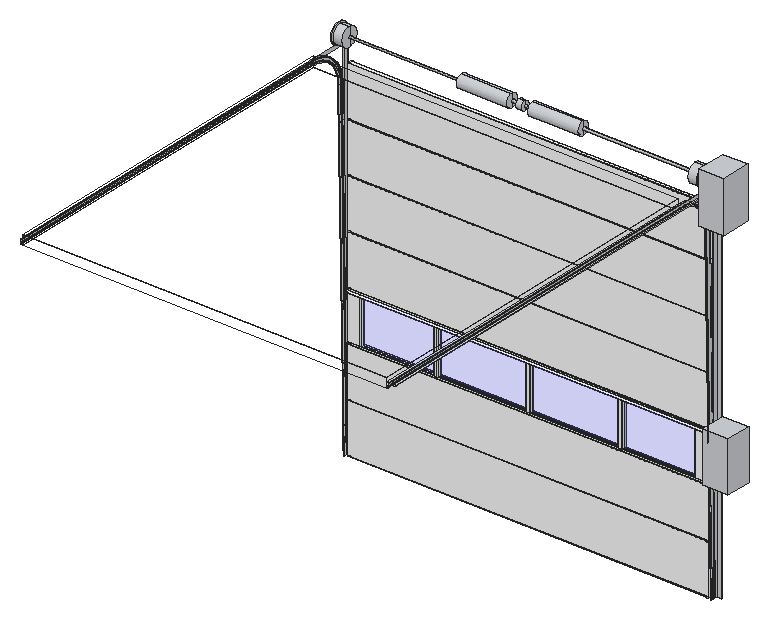
Revit family "EX3220 Complete Door - DraftA", category Doors, host Wall, Revit 2022
Family settings
  Host = Wall
  OmniClass Number = 23.30.10.17.37.14
  OmniClass Title = Sectional Overhead Doors
  Always vertical = Yes
  Cut with Voids When Loaded = No
  Shared = No
  Room Calculation Point = No
Parameters (values of type "By Type")
  Windload = "Doors available rated for various design pressures; consult Clopay for avaialbility and specifications"
  VisSection6 = NumSections = 6  # no
  VisSection5 = NumSections > 4  # yes
  VisSection4 = NumSections > 3  # yes
  VisSection3 = NumSections > 2  # yes
  VisArray = NumSections > 6  # yes
  URL = "www.clopaydoor.com"
  Track Type = Track - Standard Lift : 15" Radius
  Track = "Galvanized steel (gauge varies according to door size)"
  Thickness = 0' - 2"  # constant formula
  Spec Wizard = "http://www.arcat.com/specwizard/08360clo/index.htm"
  Section Height = Height / NumSections  # 2' - 0"
  Section 5 Glazing = Section : Solid
  Section 4 Glazing = Section : Solid
  Section 3 Glazing = Full Vision Section : Intermediate
  Sales Information = "http://www.clopaydoor.com/where-to-buy.aspx?type=dealer"
  Rough Width = 0' - 0"  # constant formula
  Rough Height = 0' - 0"  # constant formula
  R-Value = "9.1"
  Product Features and Benefits = "http://www.clopaydoor.com/insulated-polystyrene-applications.aspx"
  Overlapping Jamb = yes
  Overlap = if(Overlapping Jamb, 0' 1", 0' 0")  # 0' - 1"
  Opening Width = 14' - 2"
  Opening Height = 14' - 0"
  Opener - Right Side = yes
  Opener - Left Side = not([Opener - Right Side])  # no
  Omniclass Table = "23-30 10 17 37 "
  NumSectionsNotRounded = Height / 2' 0"  # 7
  NumSections = NumSectionsNotRounded + 0.4999  # 7
  NumArraySections = if(NumSections > 6, NumSections - 5, 2)  # 2
  Model = "3715"
  Minimum Size = "8' 0'' wide x 7' 0'' high"  # constant formula
  Maximum Size = "16' 2'' wide x 14' 0'' high"  # constant formula
  Maximum High Lift = "10' 0''"  # constant formula
  Manufacturer Website = "http://www.clopaydoor.com"
  Manufacturer Phone Number = "1-800-526-4301"
  Manufacturer Address = "1400 W. Market St., Troy, OH 45373"
  Manufacturer = "Clopay Building Products Company"
  LEED = "http://products.construction.com/swts_content_files/151607/303186.pdf"
  Keynote = "08 36 13"
  Interior Steel = "28 ga. galvanized, primed, and finish painted"
  High Lift = 4' - 0"
  Hardware = "14 ga. min. steel hinges; 10-ball steel rollers"
  GreenFormat = "http://www.greenformat.com/products/1536-Polyurethane%20Insulated%20Doors.rtf"
  Function = Interior
  Height = Opening Height + Rough Width * 0  # 14' - 0"
  Wall Closure = By host
  Width = Opening Width + Rough Width * 0  # 14' - 2"
  FloorToSection7 = 6 * Section Height  # 12' - 0"
  FloorToSection6 = 5 * Section Height  # 10' - 0"
  FloorToSection5 = 4 * Section Height  # 8' - 0"
  FloorToSection4 = 3 * Section Height  # 6' - 0"
  FloorToSection3 = 2 * Section Height  # 4' - 0"
  FloorToSection2 = Section Height  # 2' - 0"
  File Revision = "02 (August, 2012)"
  Exterior Steel = "20 ga. galvanized, primed, and finish painted"
  Double End Stiles = 1 = 1  # yes
  Door Width = Opening Width + Overlap * 2  # 14' - 4"
  Door Height = Opening Height + Rough Width * 0  # 14' - 0"
  Description = "1-3/8'' thick polyurethane insulated, stucco embossed 27 gauge steel exterior with light ribbed pattern."
  Core Material = "Expanded polystyrene"
  Copyright = "2010, Clopay Building Products Company, Inc."
  Control Box - Right Side = [Opener - Right Side]  # yes
  Control Box - Left Side = [Opener - Left Side]  # no
  Color = White
  CAD and Specifications = "http://www.clopaydoor.com/insulated-polystyrene-specs.aspx"
  Assembly Code = "B2030410"
Reference planes (in)
  plane 1 "Center (Front/Back)": y = 0
  plane 2 "Center (Left/Right)": x = 0
  plane 3 "Left": x = -85
  plane 4 "Right": x = 85
  plane 5 "Top": z = 168
  plane 6 "Exterior": y = 3
  plane 7 "Interior": y = -3
  plane 8: z = 120
  plane 9: z = 144
Lines and regions (in)
  Opening 1
    outline origin (-90, -3, 0) x (1, 0, 0) y (0, 0, 1)
      loop
        line (5, 0) -> (175, 0) -> (175, 168) -> (5, 168) -> (5, 0)
Text (in)
  text "Exterior" at (-74.96733, 27.31104, 0), in view "Ref. Level"
  text "Interior" at (-74.96733, -25.14366, 0), in view "Ref. Level"
  text "Exterior" at (0, 40.15149, 123.01588), in view "Right"
  text "Interior" at (0, -64.39139, 123.01588), in view "Right"
  text "Interior" at (0, -31.01599, 123.00693), in view "Left"
  text "Exterior" at (0, 54.57065, 123.00693), in view "Left"
Dimensions and locks (in)
  equal spacing: plane 3 "Left", plane 2 "Center (Left/Right)", plane 4 "Right"
  "Height": level to plane 5 "Top"
  "Width": plane 3 "Left" to plane 4 "Right"
  host wall to plane 5 "Top" = 14' - 0"
  nested 1 to plane 7 "Interior" = 0' - 0 1/2"
  "FloorToSection6": plane 8 to level
  "FloorToSection7": plane 9 to level
  group 1 to group 2 = 0' - 0"  (x2)
  group 1 to group 2 = 2' - 0"
  host wall to host wall = 67' - 6"
  aligned and locked: plane 3 "Left" to Opening 1 sketch curve
  aligned and locked: plane 5 "Top" to Opening 1 sketch curve
  aligned and locked: Opening 1 sketch curve to plane 5 "Top"
  aligned and locked: Opening 1 sketch curve to plane 4 "Right"
  aligned and locked: Opening 1 sketch curve to level
  aligned and locked: plane 6 "Exterior" to host wall
  aligned and locked: host wall to plane 7 "Interior"
  aligned and locked: plane 2 "Center (Left/Right)" to nested 2
  aligned and locked: plane 2 "Center (Left/Right)" to nested 3
  aligned and locked: plane 2 "Center (Left/Right)" to nested 4
  aligned and locked: plane 2 "Center (Left/Right)" to nested 5
  aligned and locked: plane 2 "Center (Left/Right)" to nested 7
  aligned and locked: nested 7 to plane 8
  aligned and locked: nested 8 to plane 9
  aligned and locked: plane 7 "Interior" to nested 2
  aligned and locked: plane 7 "Interior" to nested 7
  aligned and locked: host wall to nested 8
  aligned and locked: plane 7 "Interior" to nested 3
  aligned and locked: host wall to nested 3
  aligned and locked: plane 7 "Interior" to nested 1
  aligned and locked: nested 2 to host wall
  aligned and locked: plane 7 "Interior" to nested 6
  aligned and locked: plane 7 "Interior" to nested 5
  aligned and locked: host wall to nested 7
  aligned and locked: plane 7 "Interior" to nested 4
  aligned and locked: nested 11 to plane 2 "Center (Left/Right)"
Nested families (in)
  nested 1: "Section" at (0, 0, 0), type "Solid"
  nested 2: "Section" at (0, 0, 24), built-in parameter 1001364 <- "Section Height", type "Solid"
  nested 3: "Full Vision Section" at (0, 0, 48), type <- "Section 3 Glazing", built-in parameter 1001364 <- "FloorToSection3", visible <- "VisSection3", type "Intermediate"
    with SingleStileVis no, Rail Width 14' - 3 13/16", NumIntStiles 3, Half Rail Width 7' - 1 29/32", Half Door Width 7' - 2", Glass Width 14' - 2 13/16", End Stile Face 0' - 6", Edge to 1st Int Stile 3' - 6", Double End Stiles yes, Door Width 14' - 4", ArrayStileVis yes, ArrayIntStiles 3
  nested 4: "Section" at (0, 0, 120), built-in parameter 1001364 <- "FloorToSection6", visible <- "VisSection6", type "Solid"
  nested 5: "Section" at (0, 0, 96), built-in parameter 1001364 <- "FloorToSection5", type <- "Section 5 Glazing", visible <- "VisSection5", type "Solid"
  nested 6: "Section" at (0, 0, 72), type <- "Section 4 Glazing", built-in parameter 1001364 <- "FloorToSection4", visible <- "VisSection4", type "Solid"
  nested 7: "Section" at (0, 0, 120), visible <- "VisArray", type "Solid"
  nested 8: "Section" at (0, 0, 144), visible <- "VisArray", type "Solid"
  nested 9: "Section" at (0, 4.67704, 636.93806), type "Windows - 24x8", not visible
  nested 10: "Section" at (0, 4.63986, 609.3176), type "Windows - 24x12", not visible
  nested 11: "Track - Standard Lift" at (0, 0, 0) x (-1, 0, 0) z (0, 0, 1), type <- "Track Type", type "15" Radius"
    with TrackToTrack 14' - 6", Door Width 14' - 4", CenterToLHTrack 7' - 3", CenterToRHTrack -7' - 3", CenterToJackShaft 7' - 7"
Definition of nested family "Section"
  Parameters (values of type "Windows - 24x12")
    X9 = if(if(NumArrayedWindows < NumWindows, NumArrayedWindows + 1, NumWindows) < 9, X1, X8 + WindowSpacing)  # 0' - 8 1/2"
    X8 = if(if(NumArrayedWindows < NumWindows, NumArrayedWindows + 1, NumWindows) < 8, X1, X7 + WindowSpacing)  # 0' - 8 1/2"
    X7 = if(if(NumArrayedWindows < NumWindows, NumArrayedWindows + 1, NumWindows) < 7, X1, X6 + WindowSpacing)  # 0' - 8 1/2"
    X6 = if(if(NumArrayedWindows < NumWindows, NumArrayedWindows + 1, NumWindows) < 6, X1, X5 + WindowSpacing)  # 0' - 8 1/2"
    X5 = if(if(NumArrayedWindows < NumWindows, NumArrayedWindows + 1, NumWindows) < 5, X1, X4 + WindowSpacing)  # 0' - 8 1/2"
    X4 = if(if(NumArrayedWindows < NumWindows, NumArrayedWindows + 1, NumWindows) < 4, X1, X3 + WindowSpacing)  # 11' - 8 1/2"
    X3 = if(NumWindows < 3, X1, X2 + WindowSpacing)  # 8' - 0 1/2"
    X2 = if(NumWindows < 2, ((Door Width - (NumWindows - 1) * WindowSpacing) / 2 - Cutout Width / 2), ((Door Width - (NumWindows - 1) * WindowSpacing) / 2 - Cutout Width / 2) + WindowSpacing)  # 4' - 4 1/2"
    Windows = 37xx Window Array : 24x12
    WindowVis = yes
    WindowSpacing = if(and(Door Width < 10' 0", Door Width > 9' 2"), 3' 4", 3' 8")  # 3' - 8"
    WindowCutDepth = 0' - 2"
    Section Height = 2' - 0"
    RibSpacing = Section Height / (NumRibs + 1)  # 0' - 4"
    NumWindows = if(Door Width < 9' 4", 2, if(Door Width < 13' 4", 3, if(Door Width < 16' 4", 4, if(Door Width < 20' 4", 5, if(Door Width < 24' 4", 6, if(Door Width < 26' 4", 7, if(Door Width < 31' 8", 8, 10)))))))  # 4
    NumRibs = if(Section Height < 1' 9", 3, if(Section Height < 2' 0", 4, 5))  # 5
    NumArrayedWindows = if(X2 = X1, NumWindows - 2, NumWindows)  # 4
    Half Section Height = Section Height / 2  # 1' - 0"
    Half Door Width Neg = -Half Door Width  # -7' - 2"
    Half Door Width = Door Width / 2  # 7' - 2"
    Half Cutout Height = Cutout Height / 2  # 0' - 5 1/2"
    Function = (empty or 0)
    Height = 0' - 0"
    Wall Closure = (empty or 0)
    Width = 0' - 0"
    X1 = if(or(Door Width > 31' 6", and(Door Width > 26' 2", Door Width < 28' 1"), Door Width = 24' 3", Door Width = 24' 4", and(Door Width > 20' 2", Door Width < 20' 11"), and(Door Width > 16' 2", Door Width < 17' 3")), X2, (Door Width - (NumWindows - 1) * WindowSpacing) / 2 - Cutout Width / 2)  # 0' - 8 1/2"
    Door Width = 14' - 4"
    Define Thermal Properties by = 1
    CutoutToCutout = 1' - 0"
    Cutout Width = 1' - 11"
    Cutout Height = 0' - 11"
    Color = none
    BtmTo1stRib = RibSpacing  # 0' - 4"
    Assembly Code = ""
    Analytic Construction = "<None>"
  Types (3): name | Windows | WindowVis | WindowCutDepth | Half Cutout Height | Cutout Height
    Windows - 24x12 | 37xx Window Array : 24x12 | yes | 0' - 2" | 0' - 5 1/2" | 0' - 11"
    Windows - 24x8 | 37xx Window Array : 24x8 | yes | 0' - 2" | 0' - 3 1/2" | 0' - 7"
    Solid | 37xx Window Array : 24x8 | no | -0' - 0 13/128" | 0' - 3 1/2" | 0' - 7"
  Reference planes (in)
    plane 1 "Center (Front/Back)": y = 0
    plane 2 "Center (Left/Right)": x = 0
    plane 3 "Exterior": y = 3
    plane 4 "Interior": y = -3
    plane 5: y = -3.5
    plane 6: x = 86
    plane 7: x = -86
    plane 8: z = 4
    plane 9: z = 8
    plane 10: z = 24
    plane 11: z = 12
    plane 12: z = 0
  Forms (in)
    Extrusion 1, solid, material <- "Color"
      sketch origin (-86, -12, 83.08252) x (0, 0, 1) y (0, -1, 0)
        loop
          line (-59.08252, -8.37573) -> (-59.08252, -6.62444)
          arc (-59.08252, -6.62444) -> (-59.11897, -6.53645) -> (-59.20696, -6.5) r 0.12444
          line (-59.20696, -6.5) -> (-82.95809, -6.5)
          arc (-82.95809, -6.5) -> (-83.04608, -6.53645) -> (-83.08252, -6.62444) r 0.12444
          line (-83.08252, -6.62444) -> (-83.08252, -8.37573)
          arc (-83.08252, -8.37573) -> (-83.04612, -8.4636) -> (-82.95825, -8.5) r 0.12427
          line (-82.95825, -8.5) -> (-59.20679, -8.5)
          arc (-59.20679, -8.5) -> (-59.11892, -8.4636) -> (-59.08252, -8.37573) r 0.12427
      from 0 to 172 <- "Door Width"
    Extrusion 2, void
      sketch origin (-98.15385, -3.5, 48) x (1, 0, 0) y (0, 0, 1)
        loop
          line (175.65385, -30.5) -> (152.65385, -30.5) -> (152.65385, -36) -> (175.65385, -36) -> (175.65385, -30.5)
      from 0 to 2 <- "WindowCutDepth"
    Extrusion 3, void
      sketch origin (-98.15385, -3.5, -24) x (1, 0, 0) y (0, 0, 1)
        loop
          line (175.65385, 30.5) -> (175.65385, 36) -> (152.65385, 36) -> (152.65385, 30.5) -> (175.65385, 30.5)
      from 0 to 2 <- "WindowCutDepth"
    Extrusion 4, void
      sketch origin (-136.15385, -3.5, 48) x (1, 0, 0) y (0, 0, 1)
        loop
          line (169.65385, -30.5) -> (146.65385, -30.5) -> (146.65385, -36) -> (169.65385, -36) -> (169.65385, -30.5)
      from 0 to 2 <- "WindowCutDepth"
    Extrusion 5, void
      sketch origin (-136.15385, -3.5, -24) x (1, 0, 0) y (0, 0, 1)
        loop
          line (169.65385, 30.5) -> (169.65385, 36) -> (146.65385, 36) -> (146.65385, 30.5) -> (169.65385, 30.5)
      from 0 to 2 <- "WindowCutDepth"
    Extrusion 6, void
      sketch origin (-171.15385, -3.5, 48) x (1, 0, 0) y (0, 0, 1)
        loop
          line (160.65385, -30.5) -> (137.65385, -30.5) -> (137.65385, -36) -> (160.65385, -36) -> (160.65385, -30.5)
      from 0 to 2 <- "WindowCutDepth"
    Extrusion 7, void
      sketch origin (-171.15385, -3.5, -24) x (1, 0, 0) y (0, 0, 1)
        loop
          line (160.65385, 30.5) -> (160.65385, 36) -> (137.65385, 36) -> (137.65385, 30.5) -> (160.65385, 30.5)
      from 0 to 2 <- "WindowCutDepth"
    Extrusion 8, void
      sketch origin (-214.15385, -3.5, 48) x (1, 0, 0) y (0, 0, 1)
        loop
          line (159.65385, -30.5) -> (136.65385, -30.5) -> (136.65385, -36) -> (159.65385, -36) -> (159.65385, -30.5)
      from 0 to 2 <- "WindowCutDepth"
    Extrusion 9, void
      sketch origin (-214.15385, -3.5, -24) x (1, 0, 0) y (0, 0, 1)
        loop
          line (159.65385, 30.5) -> (159.65385, 36) -> (136.65385, 36) -> (136.65385, 30.5) -> (159.65385, 30.5)
      from 0 to 2 <- "WindowCutDepth"
    Extrusion 10, void
      sketch origin (-256.15385, -3.5, 48) x (1, 0, 0) y (0, 0, 1)
        loop
          line (333.65385, -30.5) -> (310.65385, -30.5) -> (310.65385, -36) -> (333.65385, -36) -> (333.65385, -30.5)
      from 0 to 2 <- "WindowCutDepth"
    Extrusion 11, void
      sketch origin (-256.15385, -3.5, -24) x (1, 0, 0) y (0, 0, 1)
        loop
          line (333.65385, 30.5) -> (333.65385, 36) -> (310.65385, 36) -> (310.65385, 30.5) -> (333.65385, 30.5)
      from 0 to 2 <- "WindowCutDepth"
    Extrusion 12, void
      sketch origin (-294.15385, -3.5, 48) x (1, 0, 0) y (0, 0, 1)
        loop
          line (371.65385, -30.5) -> (348.65385, -30.5) -> (348.65385, -36) -> (371.65385, -36) -> (371.65385, -30.5)
      from 0 to 2 <- "WindowCutDepth"
    Extrusion 13, void
      sketch origin (-294.15385, -3.5, -24) x (1, 0, 0) y (0, 0, 1)
        loop
          line (371.65385, 30.5) -> (371.65385, 36) -> (348.65385, 36) -> (348.65385, 30.5) -> (371.65385, 30.5)
      from 0 to 2 <- "WindowCutDepth"
    Extrusion 14, void
      sketch origin (-331.15385, -3.5, 48) x (1, 0, 0) y (0, 0, 1)
        loop
          line (408.65385, -30.5) -> (385.65385, -30.5) -> (385.65385, -36) -> (408.65385, -36) -> (408.65385, -30.5)
      from 0 to 2 <- "WindowCutDepth"
    Extrusion 15, void
      sketch origin (-331.15385, -3.5, -24) x (1, 0, 0) y (0, 0, 1)
        loop
          line (408.65385, 30.5) -> (408.65385, 36) -> (385.65385, 36) -> (385.65385, 30.5) -> (408.65385, 30.5)
      from 0 to 2 <- "WindowCutDepth"
    Extrusion 16, void
      sketch origin (-368.15385, -3.5, 48) x (1, 0, 0) y (0, 0, 1)
        loop
          line (445.65385, -30.5) -> (422.65385, -30.5) -> (422.65385, -36) -> (445.65385, -36) -> (445.65385, -30.5)
      from 0 to 2 <- "WindowCutDepth"
    Extrusion 17, void
      sketch origin (-368.15385, -3.5, -24) x (1, 0, 0) y (0, 0, 1)
        loop
          line (445.65385, 30.5) -> (445.65385, 36) -> (422.65385, 36) -> (422.65385, 30.5) -> (445.65385, 30.5)
      from 0 to 2 <- "WindowCutDepth"
    Extrusion 18, void
      sketch origin (-407.15385, -3.5, 48) x (1, 0, 0) y (0, 0, 1)
        loop
          line (484.65385, -30.5) -> (461.65385, -30.5) -> (461.65385, -36) -> (484.65385, -36) -> (484.65385, -30.5)
      from 0 to 2 <- "WindowCutDepth"
    Extrusion 19, void
      sketch origin (-407.15385, -3.5, -24) x (1, 0, 0) y (0, 0, 1)
        loop
          line (484.65385, 30.5) -> (484.65385, 36) -> (461.65385, 36) -> (461.65385, 30.5) -> (484.65385, 30.5)
      from 0 to 2 <- "WindowCutDepth"
  Cuts and joins
    Extrusion 2, Extrusion 3, Extrusion 4, Extrusion 5, Extrusion 6, Extrusion 7, Extrusion 8, Extrusion 9, Extrusion 10, Extrusion 11, Extrusion 12, Extrusion 13, Extrusion 14, Extrusion 15, Extrusion 16, Extrusion 17, Extrusion 18, Extrusion 19 cuts Extrusion 1
  Lines and regions (in)
    reference lines
      curve 1: line (-72, -5.45984, 4) -> (-72, -5.49984, 4)
  Text (in)
    text "Exterior" at (-74.96733, 27.31104, 0), in view "Ref. Level"
    text "Interior" at (-74.96733, -25.14366, 0), in view "Ref. Level"
    text "Exterior" at (0, 40.15149, 123.01588), in view "Right"
    text "Interior" at (0, -64.39139, 123.01588), in view "Right"
    text "Interior" at (0, -31.01599, 123.00693), in view "Left"
    text "Exterior" at (0, 54.57065, 123.00693), in view "Left"
  Dimensions and locks (in)
    plane 4 "Interior" to plane 5 = 0' - 0 1/2"
    "Half Door Width": plane 2 "Center (Left/Right)" to plane 7
    "Half Door Width": plane 6 to plane 2 "Center (Left/Right)"
    Extrusion 1 sketch curve to Extrusion 1 sketch curve = 0' - 2"
    "BtmTo1stRib": plane 8 to level
    "RibSpacing": plane 9 to plane 8
    "Section Height": plane 10 to level
    "Half Section Height": level to plane 11
    "Cutout Width": Extrusion 2 sketch curve to Extrusion 2 sketch curve
    "Half Cutout Height": Extrusion 2 sketch curve to Extrusion 2 sketch curve
    "Cutout Width": Extrusion 3 sketch curve to Extrusion 3 sketch curve
    "Half Cutout Height": Extrusion 3 sketch curve to Extrusion 3 sketch curve
    "X1": cut or joined group 1 (Extrusion 1, Extrusion 2, Extrusion 3, Extrusion 4, Extrusion 5, Extrusion 6, Extrusion 7, Extrusion 8, Extrusion 9, Extrusion 10, Extrusion 11, Extrusion 12, Extrusion 13, Extrusion 14, Extrusion 15, Extrusion 16, Extrusion 17, Extrusion 18, Extrusion 19) to cut or joined group 1
    "Cutout Width": Extrusion 4 sketch curve to Extrusion 4 sketch curve
    "Half Cutout Height": Extrusion 4 sketch curve to Extrusion 4 sketch curve
    "Cutout Width": Extrusion 5 sketch curve to Extrusion 5 sketch curve
    "Half Cutout Height": Extrusion 5 sketch curve to Extrusion 5 sketch curve
    "Cutout Width": Extrusion 6 sketch curve to Extrusion 6 sketch curve
    "Half Cutout Height": Extrusion 6 sketch curve to Extrusion 6 sketch curve
    "Cutout Width": Extrusion 7 sketch curve to Extrusion 7 sketch curve
    "Half Cutout Height": Extrusion 7 sketch curve to Extrusion 7 sketch curve
    "X2": plane 6 to cut or joined group 1
    "X3": plane 6 to cut or joined group 1
    "Cutout Width": Extrusion 8 sketch curve to Extrusion 8 sketch curve
    "Half Cutout Height": Extrusion 8 sketch curve to Extrusion 8 sketch curve
    "Cutout Width": Extrusion 9 sketch curve to Extrusion 9 sketch curve
    "Half Cutout Height": Extrusion 9 sketch curve to Extrusion 9 sketch curve
    "Cutout Width": Extrusion 10 sketch curve to Extrusion 10 sketch curve
    "Half Cutout Height": Extrusion 10 sketch curve to Extrusion 10 sketch curve
    "Cutout Width": Extrusion 11 sketch curve to Extrusion 11 sketch curve
    "Half Cutout Height": Extrusion 11 sketch curve to Extrusion 11 sketch curve
    "Cutout Width": Extrusion 12 sketch curve to Extrusion 12 sketch curve
    "Half Cutout Height": Extrusion 12 sketch curve to Extrusion 12 sketch curve
    "Cutout Width": Extrusion 13 sketch curve to Extrusion 13 sketch curve
    "Half Cutout Height": Extrusion 13 sketch curve to Extrusion 13 sketch curve
    "Cutout Width": Extrusion 14 sketch curve to Extrusion 14 sketch curve
    "Half Cutout Height": Extrusion 14 sketch curve to Extrusion 14 sketch curve
    "Cutout Width": Extrusion 15 sketch curve to Extrusion 15 sketch curve
    "Half Cutout Height": Extrusion 15 sketch curve to Extrusion 15 sketch curve
    "Cutout Width": Extrusion 16 sketch curve to Extrusion 16 sketch curve
    "Half Cutout Height": Extrusion 16 sketch curve to Extrusion 16 sketch curve
    "Cutout Width": Extrusion 17 sketch curve to Extrusion 17 sketch curve
    "Half Cutout Height": Extrusion 17 sketch curve to Extrusion 17 sketch curve
    "Cutout Width": Extrusion 18 sketch curve to Extrusion 18 sketch curve
    "Half Cutout Height": Extrusion 18 sketch curve to Extrusion 18 sketch curve
    "Cutout Width": Extrusion 19 sketch curve to Extrusion 19 sketch curve
    "Half Cutout Height": Extrusion 19 sketch curve to Extrusion 19 sketch curve
    "X4": plane 6 to cut or joined group 1
    "X5": plane 6 to cut or joined group 1
    "X6": plane 6 to cut or joined group 1
    "X7": plane 6 to cut or joined group 1
    "X8": plane 6 to cut or joined group 1
    "X9": plane 6 to cut or joined group 1
    locked: nested 1 to cut or joined group 1 at 1  (x2)
    locked: nested 1 to cut or joined group 1 at 0.125
    locked: plane 4 "Interior" to cut or joined group 1 at 0.5
    radius of Extrusion 1 sketch curve = 0' - 0.12427"  (x2)
    radius of Extrusion 1 sketch curve = 0' - 0.12444"  (x2)
    aligned and locked: Extrusion 1 sketch curve to plane 5
    aligned and locked: Extrusion 2 sketch curve to plane 11
    aligned and locked: plane 11 to Extrusion 3 sketch curve
    aligned and locked: cut or joined group 1 to cut or joined group 1  (x9)
    aligned and locked: plane 12 to level
  Automatic sketch dimensions
    curve 1 to curve 1 = 0' - 0.04"  (x2)
    curve 1 to plane 8 = 0' - 0"
    curve 1 to plane 5 = 0' - 1.95984"
    Extrusion 2 sketch curve to plane 6 = 2' - 7 1/2"
    Extrusion 3 sketch curve to plane 6 = 2' - 7 1/2"
    Extrusion 4 sketch curve to plane 11 = 0' - 0"
    Extrusion 4 sketch curve to plane 6 = 6' - 3 1/2"
    Extrusion 5 sketch curve to plane 11 = 0' - 0"
    Extrusion 5 sketch curve to plane 6 = 6' - 3 1/2"
    Extrusion 6 sketch curve to plane 11 = 0' - 0"
    Extrusion 6 sketch curve to plane 6 = 9' - 11 1/2"
    Extrusion 7 sketch curve to plane 11 = 0' - 0"
    Extrusion 7 sketch curve to plane 6 = 9' - 11 1/2"
    Extrusion 8 sketch curve to plane 11 = 0' - 0"
    Extrusion 8 sketch curve to plane 2 "Center (Left/Right)" = 6' - 5 1/2"
    Extrusion 9 sketch curve to plane 11 = 0' - 0"
    Extrusion 9 sketch curve to plane 2 "Center (Left/Right)" = 6' - 5 1/2"
    Extrusion 10 sketch curve to plane 11 = 0' - 0"
    plane 2 "Center (Left/Right)" to Extrusion 10 sketch curve = 4' - 6 1/2"
    Extrusion 11 sketch curve to plane 11 = 0' - 0"
    plane 2 "Center (Left/Right)" to Extrusion 11 sketch curve = 4' - 6 1/2"
    Extrusion 12 sketch curve to plane 11 = 0' - 0"
    plane 2 "Center (Left/Right)" to Extrusion 12 sketch curve = 4' - 6 1/2"
    Extrusion 13 sketch curve to plane 11 = 0' - 0"
    plane 2 "Center (Left/Right)" to Extrusion 13 sketch curve = 4' - 6 1/2"
    Extrusion 14 sketch curve to plane 11 = 0' - 0"
    plane 2 "Center (Left/Right)" to Extrusion 14 sketch curve = 4' - 6 1/2"
    Extrusion 15 sketch curve to plane 11 = 0' - 0"
    plane 2 "Center (Left/Right)" to Extrusion 15 sketch curve = 4' - 6 1/2"
    Extrusion 16 sketch curve to plane 11 = 0' - 0"
    plane 7 to Extrusion 16 sketch curve = 11' - 8 1/2"
    Extrusion 17 sketch curve to plane 11 = 0' - 0"
    plane 7 to Extrusion 17 sketch curve = 11' - 8 1/2"
    Extrusion 18 sketch curve to plane 11 = 0' - 0"
    plane 7 to Extrusion 18 sketch curve = 11' - 8 1/2"
    Extrusion 19 sketch curve to plane 11 = 0' - 0"
    plane 7 to Extrusion 19 sketch curve = 11' - 8 1/2"
    Extrusion 1 sketch curve to plane 10 = 0' - 0"
    Extrusion 1 sketch curve to level = 0' - 0"
  Nested families (in)
    nested 1: "37xx Window Array" at (66, -3.375, 7.5) x (-1, 0, 0) z (0, 0, 1), type <- "Windows", visible <- "WindowVis", type "24x12"
      with NumWindows 4, Frame Height 1' - 1"
  Definition of nested family "37xx Window Array"
    Parameters
      Window Spacing = 3' - 8"
      NumWindows = 3
      Frame Width = 2' - 1"
      Frame Height = 0' - 9"
      Default Elevation = 0' - 0"
      Color = none
      Assembly Code = ""
    Reference planes (in)
      plane 1 "Center (Front/Back)": y = 0
      plane 2: z = 0
      plane 3 "Center (Left/Right)": x = 0
      plane 4: y = -1
    Forms (in)
      Extrusion 1, solid, material <- "Color"
        sketch origin (-1.38592, 0, 0) x (1, 0, 0) y (0, 0, 1)
          loop
            line (-8.86408, 1.625) -> (11.63592, 1.625)
            arc (11.63592, 1.625) -> (12.07786, 1.80806) -> (12.26092, 2.25) r 0.625
            line (12.26092, 2.25) -> (12.26092, 6.75)
            arc (12.26092, 6.75) -> (12.07786, 7.19194) -> (11.63592, 7.375) r 0.625
            line (11.63592, 7.375) -> (-8.86408, 7.375)
            arc (-8.86408, 7.375) -> (-9.30602, 7.19194) -> (-9.48908, 6.75) r 0.625
            line (-9.48908, 6.75) -> (-9.48908, 2.25)
            arc (-9.48908, 2.25) -> (-9.30602, 1.80806) -> (-8.86408, 1.625) r 0.625
          loop
            line (-10.48908, 0) -> (13.26092, 0)
            arc (13.26092, 0) -> (13.70286, 0.18306) -> (13.88592, 0.625) r 0.625
            line (13.88592, 0.625) -> (13.88592, 8.375)
            arc (13.88592, 8.375) -> (13.70286, 8.81694) -> (13.26092, 9) r 0.625
            line (13.26092, 9) -> (-10.48908, 9)
            arc (-10.48908, 9) -> (-10.93102, 8.81694) -> (-11.11408, 8.375) r 0.625
            line (-11.11408, 8.375) -> (-11.11408, 0.625)
            arc (-11.11408, 0.625) -> (-10.93102, 0.18306) -> (-10.48908, 0) r 0.625
        from 0 to 2.25
      Extrusion 2, solid
        sketch origin (0, -1, 15.9844) x (0, 0, 1) y (-1, 0, 0)
          loop
            arc (-8.6094, 10.25) -> (-8.79246, 10.69194) -> (-9.2344, 10.875) r 0.625
            line (-9.2344, 10.875) -> (-13.7344, 10.875)
            arc (-13.7344, 10.875) -> (-14.17634, 10.69194) -> (-14.3594, 10.25) r 0.625
            line (-14.3594, 10.25) -> (-14.3594, -10.25)
            arc (-14.3594, -10.25) -> (-14.17634, -10.69194) -> (-13.7344, -10.875) r 0.625
            line (-13.7344, -10.875) -> (-9.2344, -10.875)
            arc (-9.2344, -10.875) -> (-8.79246, -10.69194) -> (-8.6094, -10.25) r 0.625
            line (-8.6094, -10.25) -> (-8.6094, 10.25)
        from 0 to 0.25
      Extrusion 3, solid, material <- "Color"
        sketch origin (42.61408, 0, 0) x (1, 0, 0) y (0, 0, 1)
          loop
            line (-8.86408, 1.625) -> (11.63592, 1.625)
            arc (11.63592, 1.625) -> (12.07786, 1.80806) -> (12.26092, 2.25) r 0.625
            line (12.26092, 2.25) -> (12.26092, 6.75)
            arc (12.26092, 6.75) -> (12.07786, 7.19194) -> (11.63592, 7.375) r 0.625
            line (11.63592, 7.375) -> (-8.86408, 7.375)
            arc (-8.86408, 7.375) -> (-9.30602, 7.19194) -> (-9.48908, 6.75) r 0.625
            line (-9.48908, 6.75) -> (-9.48908, 2.25)
            arc (-9.48908, 2.25) -> (-9.30602, 1.80806) -> (-8.86408, 1.625) r 0.625
          loop
            line (-10.48908, 0) -> (13.26092, 0)
            arc (13.26092, 0) -> (13.70286, 0.18306) -> (13.88592, 0.625) r 0.625
            line (13.88592, 0.625) -> (13.88592, 8.375)
            arc (13.88592, 8.375) -> (13.70286, 8.81694) -> (13.26092, 9) r 0.625
            line (13.26092, 9) -> (-10.48908, 9)
            arc (-10.48908, 9) -> (-10.93102, 8.81694) -> (-11.11408, 8.375) r 0.625
            line (-11.11408, 8.375) -> (-11.11408, 0.625)
            arc (-11.11408, 0.625) -> (-10.93102, 0.18306) -> (-10.48908, 0) r 0.625
        from 0 to 2.25
      Extrusion 4, solid
        sketch origin (44, -1, 15.9844) x (0, 0, 1) y (-1, 0, 0)
          loop
            arc (-8.6094, 10.25) -> (-8.79246, 10.69194) -> (-9.2344, 10.875) r 0.625
            line (-9.2344, 10.875) -> (-13.7344, 10.875)
            arc (-13.7344, 10.875) -> (-14.17634, 10.69194) -> (-14.3594, 10.25) r 0.625
            line (-14.3594, 10.25) -> (-14.3594, -10.25)
            arc (-14.3594, -10.25) -> (-14.17634, -10.69194) -> (-13.7344, -10.875) r 0.625
            line (-13.7344, -10.875) -> (-9.2344, -10.875)
            arc (-9.2344, -10.875) -> (-8.79246, -10.69194) -> (-8.6094, -10.25) r 0.625
            line (-8.6094, -10.25) -> (-8.6094, 10.25)
        from 0 to 0.25
      Extrusion 5, solid, material <- "Color"
        sketch origin (86.61408, 0, 0) x (1, 0, 0) y (0, 0, 1)
          loop
            line (-8.86408, 1.625) -> (11.63592, 1.625)
            arc (11.63592, 1.625) -> (12.07786, 1.80806) -> (12.26092, 2.25) r 0.625
            line (12.26092, 2.25) -> (12.26092, 6.75)
            arc (12.26092, 6.75) -> (12.07786, 7.19194) -> (11.63592, 7.375) r 0.625
            line (11.63592, 7.375) -> (-8.86408, 7.375)
            arc (-8.86408, 7.375) -> (-9.30602, 7.19194) -> (-9.48908, 6.75) r 0.625
            line (-9.48908, 6.75) -> (-9.48908, 2.25)
            arc (-9.48908, 2.25) -> (-9.30602, 1.80806) -> (-8.86408, 1.625) r 0.625
          loop
            line (-10.48908, 0) -> (13.26092, 0)
            arc (13.26092, 0) -> (13.70286, 0.18306) -> (13.88592, 0.625) r 0.625
            line (13.88592, 0.625) -> (13.88592, 8.375)
            arc (13.88592, 8.375) -> (13.70286, 8.81694) -> (13.26092, 9) r 0.625
            line (13.26092, 9) -> (-10.48908, 9)
            arc (-10.48908, 9) -> (-10.93102, 8.81694) -> (-11.11408, 8.375) r 0.625
            line (-11.11408, 8.375) -> (-11.11408, 0.625)
            arc (-11.11408, 0.625) -> (-10.93102, 0.18306) -> (-10.48908, 0) r 0.625
        from 0 to 2.25
      Extrusion 6, solid
        sketch origin (88, -1, 15.9844) x (0, 0, 1) y (-1, 0, 0)
          loop
            arc (-8.6094, 10.25) -> (-8.79246, 10.69194) -> (-9.2344, 10.875) r 0.625
            line (-9.2344, 10.875) -> (-13.7344, 10.875)
            arc (-13.7344, 10.875) -> (-14.17634, 10.69194) -> (-14.3594, 10.25) r 0.625
            line (-14.3594, 10.25) -> (-14.3594, -10.25)
            arc (-14.3594, -10.25) -> (-14.17634, -10.69194) -> (-13.7344, -10.875) r 0.625
            line (-13.7344, -10.875) -> (-9.2344, -10.875)
            arc (-9.2344, -10.875) -> (-8.79246, -10.69194) -> (-8.6094, -10.25) r 0.625
            line (-8.6094, -10.25) -> (-8.6094, 10.25)
        from 0 to 0.25
    Dimensions and locks (in)
      locked: Extrusion 1 sketch curve to Extrusion 1 sketch curve at 1.625  (x4)
      "Frame Height": Extrusion 1 sketch curve to Extrusion 1 sketch curve
      "Frame Width": Extrusion 1 sketch curve to Extrusion 1 sketch curve
      Extrusion 1 to plane 4 = 0' - 1"
      Extrusion 1 to plane 3 "Center (Left/Right)" = 1' - 0 1/2"
      locked: Extrusion 3 sketch curve to Extrusion 3 sketch curve at 1.625  (x4)
      "Frame Height": Extrusion 3 sketch curve to Extrusion 3 sketch curve
      "Frame Width": Extrusion 3 sketch curve to Extrusion 3 sketch curve
      equal spacing: group 1, group 2, group 3  (x3)
      locked: Extrusion 5 sketch curve to Extrusion 5 sketch curve at 1.625  (x4)
      "Frame Height": Extrusion 5 sketch curve to Extrusion 5 sketch curve
      "Frame Width": Extrusion 5 sketch curve to Extrusion 5 sketch curve
      "Window Spacing": Extrusion 1 to Extrusion 3
      radius of Extrusion 1 sketch curve = 0' - 0 5/8"  (x8)
      radius of Extrusion 3 sketch curve = 0' - 0 5/8"  (x8)
      radius of Extrusion 5 sketch curve = 0' - 0 5/8"  (x8)
      aligned and locked: plane 2 to level
      aligned and locked: Extrusion 2 sketch curve to Extrusion 1  (x4)
      aligned and locked: Extrusion 4 sketch curve to Extrusion 3  (x4)
      aligned and locked: Extrusion 6 sketch curve to Extrusion 5  (x4)
Definition of nested family "Full Vision Section"
  Parameters
    Top Rail Face = if(Section Type = 3, 0' 3", 0' 0 27/32")  # 0' - 0 27/32"
    Stile Height = if(or(Section Type = 1, Section Type = 3), Section Height - 0' 3 27/32", Section Height - 0' 0 27/32" * 2)  # 1' - 10 5/16"
    SingleStileVis = and(NumIntStiles < 2, NumIntStiles > 0)  # yes
    Section Type = 2
    Section Height = 2' - 0"
    Rail Width = Door Width - 0' 0 3/16"  # 8' - 1 13/16"
    Panel Material = none
    NumIntStiles = if(Door Width < 4' 9", 0, if(Door Width < 9' 3", 1, if(Door Width < 13' 3", 2, if(Door Width < 16' 3", 3, if(Door Width < 20' 3", 4, 5)))))  # 1
    IntStileCtrCtr = 3' - 8"
    Half Rail Width = Rail Width / 2  # 4' - 0 29/32"
    Half Door Width = Door Width / 2  # 4' - 1"
    Glass Width = Rail Width - 0' 1"  # 8' - 0 13/16"
    Function = (empty or 0)
    Height = 0' - 0"
    Wall Closure = (empty or 0)
    Width = 0' - 0"
    Frame Material = none
    Fin Visibility = or(Section Type = 1, Section Type = 2)  # yes
    End Stile Face = if(Double End Stiles, 0' 6", 0' 3")  # 0' - 3"
    Edge to 1st Int Stile = (Door Width - (NumIntStiles - 1) * 3' 8") / 2  # 4' - 1"
    Double End Stiles = no
    Door Width = 8' - 2"
    Bottom Rail Face = if(Section Type = 1, 0' 3", 0' 0 27/32")  # 0' - 0 27/32"
    Assembly Code = ""
    ArrayStileVis = NumIntStiles > 1  # no
    ArrayIntStiles = if(NumIntStiles < 2, 2, NumIntStiles)  # 2
  Reference planes (in)
    plane 1 "Center (Front/Back)": y = 0
    plane 2 "Center (Left/Right)": x = 0
    plane 3 "Exterior": y = 3
    plane 4 "Interior": y = -3
    plane 5: y = -3.5
    plane 6: x = 49
    plane 7: x = 48.90625
    plane 8: x = -48.90625
    plane 9: x = -49
    plane 10: x = 0
    plane 11: x = 0
  Forms (in)
    Extrusion 1, solid, material <- "Frame Material"
      sketch origin (-48.90625, -12, 83.08252) x (0, 0, 1) y (0, -1, 0)
        loop
          arc (-83.08252, -8.37483) -> (-83.04586, -8.46334) -> (-82.95735, -8.5) r 0.12517
          line (-82.95735, -8.5) -> (-82.23877, -8.5) -> (-82.23877, -8.37402) -> (-82.1155, -8.37402) -> (-81.7405, -7.99902) -> (-81.7405, -7.81152) -> (-82.23877, -7.81152) -> (-82.23877, -7.56152) -> (-81.7405, -7.56152) -> (-81.7405, -6.56152) -> (-82.23877, -6.56152) -> (-82.23877, -6.37582) -> (-82.95588, -6.37582)
          arc (-82.95588, -6.37582) -> (-83.04543, -6.41291) -> (-83.08252, -6.50246) r 0.12664
          line (-83.08252, -6.50246) -> (-83.08252, -8.37483)
      from 0 to 97.8125 <- "Rail Width"
    Extrusion 2, solid, material <- "Frame Material"
      sketch origin (-48.90625, -12, 83.08252) x (0, 0, 1) y (0, -1, 0)
        loop
          line (-59.08252, -8.37573) -> (-59.08252, -6.50025)
          arc (-59.08252, -6.50025) -> (-59.11897, -6.41226) -> (-59.20696, -6.37582) r 0.12444
          line (-59.20696, -6.37582) -> (-59.92627, -6.37582) -> (-59.92627, -6.56152) -> (-60.42627, -6.56152) -> (-60.42627, -7.56152) -> (-59.92627, -7.56152) -> (-59.92627, -7.81152) -> (-60.42627, -7.81152) -> (-60.42627, -7.99854) -> (-60.05079, -8.37402) -> (-59.92627, -8.37402) -> (-59.92627, -8.5) -> (-59.20679, -8.5)
          arc (-59.20679, -8.5) -> (-59.11892, -8.4636) -> (-59.08252, -8.37573) r 0.12427
      from 0 to 97.8125 <- "Rail Width"
    Extrusion 3, solid, material <- "Panel Material"
      sketch origin (-48.90625, -12, 83.08252) x (0, 0, 1) y (0, -1, 0)
        loop
          line (-59.92627, -7.81152) -> (-59.92627, -7.56152) -> (-82.23877, -7.56152) -> (-82.23877, -7.81152) -> (-59.92627, -7.81152)
      from 1 to 96.8125 <- "Glass Width"
    Extrusion 4, solid, material <- "Frame Material"
      sketch origin (-48.90625, -5.43848, 23.15625) x (-1, 0, 0) y (0, 1, 0)
        loop
          line (0.09375, 1.93848) -> (-2.90625, 1.93848) -> (-2.90625, 1.8125) -> (-3.02952, 1.8125) -> (-3.40452, 1.4375) -> (-3.40452, 1.25) -> (-2.90625, 1.25) -> (-2.90625, 1) -> (-3.40452, 1) -> (-3.40452, 0) -> (-2.90625, 0) -> (-2.90625, -0.18571) -> (0.09375, -0.18571) -> (0.09375, 1.93848)
      from 0 to 22.3125 <- "Stile Height"
    Extrusion 5, solid, material <- "Frame Material"
      sketch origin (-48.90625, -3.5, 23.15625) x (-1, 0, 0) y (0, 1, 0)
        loop
          line (-97.90625, 0) -> (-97.90625, -2.12418) -> (-94.90625, -2.12418) -> (-94.90625, -1.93848) -> (-94.40798, -1.93848) -> (-94.40798, -0.93848) -> (-94.90625, -0.93848) -> (-94.90625, -0.68848) -> (-94.40798, -0.68848) -> (-94.40798, -0.50098) -> (-94.78298, -0.12598) -> (-94.90625, -0.12598) -> (-94.90625, 0) -> (-97.90625, 0)
      from 0 to 22.3125 <- "Stile Height"
    Extrusion 6, solid, material <- "Frame Material", visible <- "Fin Visibility"
      sketch origin (-48.90625, -12, 83.08252) x (0, 0, 1) y (0, -1, 0)
        loop
          line (-59.92627, -6.37582) -> (-59.8329, -6.37582) -> (-59.8329, -4.5475)
          arc (-59.8329, -4.5475) -> (-59.87958, -4.50082) -> (-59.92627, -4.5475) r 0.04669
          line (-59.92627, -4.5475) -> (-59.92627, -6.37582)
      from 0 to 97.8125 <- "Rail Width"
  Text (in)
    text "Exterior" at (-74.96733, 27.31104, 0), in view "Ref. Level"
    text "Interior" at (-74.96733, -25.14366, 0), in view "Ref. Level"
    text "Exterior" at (0, 40.15149, 123.01588), in view "Right"
    text "Interior" at (0, -64.39139, 123.01588), in view "Right"
    text "Interior" at (0, -31.01599, 123.00693), in view "Left"
    text "Exterior" at (0, 54.57065, 123.00693), in view "Left"
  Dimensions and locks (in)
    plane 4 "Interior" to plane 5 = 0' - 0 1/2"
    locked: Extrusion 1 sketch curve to Extrusion 1 sketch curve at 0.12598
    locked: Extrusion 1 sketch curve to Extrusion 1 sketch curve at 0.25
    locked: Extrusion 1 sketch curve to Extrusion 1 sketch curve at 1
    locked: Extrusion 1 sketch curve to Extrusion 1 sketch curve at 0.12327
    locked: Extrusion 1 sketch curve to Extrusion 1 sketch curve at 0.49827
    locked: Extrusion 1 sketch curve to Extrusion 1 sketch curve at 0.5625
    locked: Extrusion 1 sketch curve to Extrusion 1 sketch curve at 2.12418
    "Bottom Rail Face": Extrusion 1 sketch curve to Extrusion 1 sketch curve
    "Top Rail Face": Extrusion 2 sketch curve to Extrusion 2 sketch curve
    locked: Extrusion 2 sketch curve to Extrusion 2 sketch curve at 0.12452
    locked: Extrusion 2 sketch curve to Extrusion 2 sketch curve at 0.5
    locked: Extrusion 4 sketch curve to Extrusion 4 sketch curve at 2.12418
    "End Stile Face": Extrusion 4 sketch curve to Extrusion 4 sketch curve
    locked: Extrusion 4 sketch curve to Extrusion 4 sketch curve at 0.12598
    locked: Extrusion 4 sketch curve to Extrusion 4 sketch curve at 0.49827
    locked: Extrusion 4 sketch curve to Extrusion 4 sketch curve at 0.12327
    Extrusion 4 sketch curve to Extrusion 4 sketch curve to Extrusion 4 sketch curve = 0' - 0 9/16" locked, 0' - 0 1/4" locked
    locked: Extrusion 4 sketch curve to Extrusion 4 sketch curve at 1
    locked: Extrusion 4 sketch curve to Extrusion 4 sketch curve at 0.375
    locked: Extrusion 5 sketch curve to Extrusion 5 sketch curve at 0.12598
    locked: Extrusion 5 sketch curve to Extrusion 5 sketch curve at 0.25
    locked: Extrusion 5 sketch curve to Extrusion 5 sketch curve at 1
    locked: Extrusion 5 sketch curve to Extrusion 5 sketch curve at 0.12327
    locked: Extrusion 5 sketch curve to Extrusion 5 sketch curve at 0.49827
    locked: Extrusion 5 sketch curve to Extrusion 5 sketch curve at 0.5625
    locked: Extrusion 5 sketch curve to Extrusion 5 sketch curve at 2.12418
    "End Stile Face": Extrusion 5 sketch curve to Extrusion 5 sketch curve
    locked: Extrusion 5 sketch curve to Extrusion 5 sketch curve at 0.375
    locked: Extrusion 6 sketch curve to Extrusion 6 sketch curve at 0.09338
    locked: Extrusion 2 to Extrusion 6 sketch curve at 1.875
    "Edge to 1st Int Stile": plane 10 to plane 9
    "Edge to 1st Int Stile": plane 6 to plane 11
    "Half Door Width": plane 2 "Center (Left/Right)" to plane 9
    "Half Door Width": plane 6 to plane 2 "Center (Left/Right)"
    "Half Rail Width": plane 2 "Center (Left/Right)" to plane 8
    "Half Rail Width": plane 7 to plane 2 "Center (Left/Right)"
    locked: Extrusion 3 sketch curve to Extrusion 3 sketch curve at 0.25
    radius of Extrusion 2 sketch curve = 0' - 0.12427"
    radius of Extrusion 2 sketch curve = 0' - 0.12444"
    radius of Extrusion 1 sketch curve = 0' - 0.12517"
    radius of Extrusion 1 sketch curve = 0' - 0.12664"
    aligned and locked: Extrusion 1 sketch curve to Extrusion 1 sketch curve  (x3)
    aligned and locked: Extrusion 2 sketch curve to Extrusion 1  (x3)
    aligned and locked: Extrusion 1 to Extrusion 2 sketch curve  (x3)
    aligned and locked: Extrusion 2 sketch curve to Extrusion 2 sketch curve  (x3)
    aligned: Extrusion 3 sketch curve to Extrusion 2
    aligned: Extrusion 3 sketch curve to Extrusion 1
    aligned and locked: Extrusion 3 sketch curve to Extrusion 1
    aligned and locked: Extrusion 4 sketch curve to Extrusion 4 sketch curve  (x3)
    aligned and locked: Extrusion 4 sketch curve to Extrusion 2
    aligned and locked: Extrusion 5 sketch curve to Extrusion 5 sketch curve  (x3)
    aligned and locked: Extrusion 5 sketch curve to Extrusion 2
    aligned and locked: nested 1 to Extrusion 2  (x2)
    aligned and locked: Extrusion 4 to Extrusion 3
    aligned and locked: Extrusion 1 to Extrusion 4
    aligned and locked: Extrusion 6 sketch curve to Extrusion 4
    aligned and locked: Extrusion 6 sketch curve to Extrusion 2
    aligned and locked: plane 2 "Center (Left/Right)" to nested 1
    aligned and locked: nested 1 to plane 5
    aligned and locked: Extrusion 5 sketch curve to plane 6
    aligned and locked: Extrusion 4 sketch curve to plane 9
    aligned and locked: plane 11 to nested 2
    aligned and locked: Extrusion 4 to nested 2
    aligned and locked: nested 2 to Extrusion 1
    aligned and locked: Extrusion 3 sketch curve to Extrusion 4  (x2)
  Automatic sketch dimensions
    Extrusion 1 sketch curve to level = 0' - 0"
    Extrusion 1 sketch curve to plane 5 = 0' - 0"
    Extrusion 1 sketch curve to Extrusion 1 sketch curve = 0' - 0 3/16"
    Extrusion 2 sketch curve to plane 5 = 0' - 0.50146"
    level to Extrusion 2 sketch curve = 1' - 10 21/32"
    Extrusion 2 sketch curve to Extrusion 2 sketch curve = 0' - 0 1/2"
  Nested families (in)
    nested 1: "Int Stile for Single" at (0, -3.5, 0.84375), visible <- "SingleStileVis", type "Single"
      with Stile Height 1' - 10 5/16"
    nested 2: "902 Int Stile Array" at (0, -3.5, 0.84375), visible <- "ArrayStileVis", type "Array"
      with NumIntStiles 2
  Definition of nested family "Int Stile for Single"
    Parameters
      Stile Height = 1' - 8 5/32"
      Frame Material = none
      Default Elevation = 0' - 0"
      Assembly Code = ""
    Reference planes (in)
      plane 1 "Center (Front/Back)": y = 0
      plane 2: z = 0
      plane 3 "Center (Left/Right)": x = 0
      plane 4: z = 20.15625
    Forms (in)
      Extrusion 1, solid, material <- "Frame Material"
        sketch origin (0, 0, 0) x (1, 0, 0) y (0, 1, 0)
          loop
            line (-0.65625, 0) -> (-0.65625, -0.125) -> (-0.78125, -0.125) -> (-1.15625, -0.5) -> (-1.15625, -0.63751) -> (-0.65625, -0.63751) -> (-0.65625, -0.88751) -> (-1.15625, -0.88751) -> (-1.15625, -1.88751) -> (-0.65625, -1.88751) -> (-0.65625, -2.125) -> (0.65625, -2.125) -> (0.65625, -1.88751) -> (1.15625, -1.88751) -> (1.15625, -0.88751) -> (0.65625, -0.88751) -> (0.65625, -0.63751) -> (1.15625, -0.63751) -> (1.15625, -0.5) -> (0.78125, -0.125) -> (0.65625, -0.125) -> (0.65625, 0) -> (-0.65625, 0)
        from 0 to 20.15625 <- "Stile Height"
    Dimensions and locks (in)
      "Stile Height": level to plane 4
      locked: Extrusion 1 sketch curve to Extrusion 1 sketch curve at 1.3125
      locked: Extrusion 1 sketch curve to Extrusion 1 sketch curve at 0.5  (x2)
      locked: Extrusion 1 sketch curve to plane 3 "Center (Left/Right)" at 1.15625
      locked: Extrusion 1 sketch curve to Extrusion 1 sketch curve at 2.125
      locked: Extrusion 1 sketch curve to Extrusion 1 sketch curve at 0.25
      locked: Extrusion 1 sketch curve to Extrusion 1 sketch curve at 1
      locked: Extrusion 1 sketch curve to Extrusion 1 sketch curve at 0.375  (x4)
      locked: Extrusion 1 sketch curve to Extrusion 1 sketch curve at 0.125  (x3)
      aligned and locked: plane 2 to level
      aligned and locked: Extrusion 1 sketch curve to Extrusion 1 sketch curve  (x8)
    Automatic sketch dimensions
      plane 1 "Center (Front/Back)" to Extrusion 1 sketch curve = 0' - 0"
      Extrusion 1 sketch curve to Extrusion 1 sketch curve = 0' - 0.23749"
  Definition of nested family "902 Int Stile Array"
    Parameters
      Stile Height = 1' - 10 5/16"
      NumIntStiles = 4
      IntStileCtrCtr = 3' - 8"
      Frame Material = none
      Default Elevation = 0' - 0"
      Assembly Code = ""
    Reference planes (in)
      plane 1 "Center (Front/Back)": y = 0
      plane 2: z = 0
      plane 3 "Center (Left/Right)": x = 0
      plane 4: z = 22.3125
      plane 5: x = 1.15625
      plane 6: x = -42.84375
    Forms (in)
      Extrusion 1, solid, material <- "Frame Material"
        sketch origin (0, 0, 0) x (1, 0, 0) y (0, 1, 0)
          loop
            line (-0.65625, 0) -> (-0.65625, -0.125) -> (-0.78125, -0.125) -> (-1.15625, -0.5) -> (-1.15625, -0.63751) -> (-0.65625, -0.63751) -> (-0.65625, -0.88751) -> (-1.15625, -0.88751) -> (-1.15625, -1.88751) -> (-0.65625, -1.88751) -> (-0.65625, -2.125) -> (0.65625, -2.125) -> (0.65625, -1.88751) -> (1.15625, -1.88751) -> (1.15625, -0.88751) -> (0.65625, -0.88751) -> (0.65625, -0.63751) -> (1.15625, -0.63751) -> (1.15625, -0.5) -> (0.78125, -0.125) -> (0.65625, -0.125) -> (0.65625, 0) -> (-0.65625, 0)
        from 0 to 22.3125 <- "Stile Height"
      Extrusion 2, solid, material <- "Frame Material"
        sketch origin (-44, 0, 0) x (1, 0, 0) y (0, 1, 0)
          loop
            line (-0.65625, 0) -> (-0.65625, -0.125) -> (-0.78125, -0.125) -> (-1.15625, -0.5) -> (-1.15625, -0.63751) -> (-0.65625, -0.63751) -> (-0.65625, -0.88751) -> (-1.15625, -0.88751) -> (-1.15625, -1.88751) -> (-0.65625, -1.88751) -> (-0.65625, -2.125) -> (0.65625, -2.125) -> (0.65625, -1.88751) -> (1.15625, -1.88751) -> (1.15625, -0.88751) -> (0.65625, -0.88751) -> (0.65625, -0.63751) -> (1.15625, -0.63751) -> (1.15625, -0.5) -> (0.78125, -0.125) -> (0.65625, -0.125) -> (0.65625, 0) -> (-0.65625, 0)
        from 0 to 22.3125 <- "Stile Height"
      Extrusion 3, solid, material <- "Frame Material"
        sketch origin (-88, 0, 0) x (1, 0, 0) y (0, 1, 0)
          loop
            line (-0.65625, 0) -> (-0.65625, -0.125) -> (-0.78125, -0.125) -> (-1.15625, -0.5) -> (-1.15625, -0.63751) -> (-0.65625, -0.63751) -> (-0.65625, -0.88751) -> (-1.15625, -0.88751) -> (-1.15625, -1.88751) -> (-0.65625, -1.88751) -> (-0.65625, -2.125) -> (0.65625, -2.125) -> (0.65625, -1.88751) -> (1.15625, -1.88751) -> (1.15625, -0.88751) -> (0.65625, -0.88751) -> (0.65625, -0.63751) -> (1.15625, -0.63751) -> (1.15625, -0.5) -> (0.78125, -0.125) -> (0.65625, -0.125) -> (0.65625, 0) -> (-0.65625, 0)
        from 0 to 22.3125 <- "Stile Height"
      Extrusion 4, solid, material <- "Frame Material"
        sketch origin (-132, 0, 0) x (1, 0, 0) y (0, 1, 0)
          loop
            line (-0.65625, 0) -> (-0.65625, -0.125) -> (-0.78125, -0.125) -> (-1.15625, -0.5) -> (-1.15625, -0.63751) -> (-0.65625, -0.63751) -> (-0.65625, -0.88751) -> (-1.15625, -0.88751) -> (-1.15625, -1.88751) -> (-0.65625, -1.88751) -> (-0.65625, -2.125) -> (0.65625, -2.125) -> (0.65625, -1.88751) -> (1.15625, -1.88751) -> (1.15625, -0.88751) -> (0.65625, -0.88751) -> (0.65625, -0.63751) -> (1.15625, -0.63751) -> (1.15625, -0.5) -> (0.78125, -0.125) -> (0.65625, -0.125) -> (0.65625, 0) -> (-0.65625, 0)
        from 0 to 22.3125 <- "Stile Height"
    Dimensions and locks (in)
      "Stile Height": level to plane 4
      locked: Extrusion 1 sketch curve to Extrusion 1 sketch curve at 1.3125
      locked: Extrusion 1 sketch curve to Extrusion 1 sketch curve at 0.5  (x2)
      locked: Extrusion 1 sketch curve to Extrusion 1 sketch curve at 2.125
      locked: Extrusion 1 sketch curve to Extrusion 1 sketch curve at 0.25
      locked: Extrusion 1 sketch curve to Extrusion 1 sketch curve at 1
      locked: Extrusion 1 sketch curve to Extrusion 1 sketch curve at 0.375  (x4)
      locked: Extrusion 1 sketch curve to Extrusion 1 sketch curve at 0.125  (x3)
      locked: Extrusion 2 sketch curve to Extrusion 2 sketch curve at 1.3125
      locked: Extrusion 2 sketch curve to Extrusion 2 sketch curve at 0.5  (x2)
      locked: Extrusion 2 sketch curve to Extrusion 2 sketch curve at 2.125
      locked: Extrusion 2 sketch curve to Extrusion 2 sketch curve at 0.25
      locked: Extrusion 2 sketch curve to Extrusion 2 sketch curve at 1
      locked: Extrusion 2 sketch curve to Extrusion 2 sketch curve at 0.375  (x4)
      locked: Extrusion 2 sketch curve to Extrusion 2 sketch curve at 0.125  (x3)
      equal spacing: group 4, group 3, group 2, group 1
      equal spacing: group 1, group 2, group 3, group 4  (x2)
      "IntStileCtrCtr": plane 5 to plane 6
      locked: Extrusion 3 sketch curve to Extrusion 3 sketch curve at 1.3125
      locked: Extrusion 3 sketch curve to Extrusion 3 sketch curve at 0.5  (x2)
      locked: Extrusion 3 sketch curve to Extrusion 3 sketch curve at 2.125
      locked: Extrusion 3 sketch curve to Extrusion 3 sketch curve at 0.25
      locked: Extrusion 3 sketch curve to Extrusion 3 sketch curve at 1
      locked: Extrusion 3 sketch curve to Extrusion 3 sketch curve at 0.375  (x4)
      locked: Extrusion 3 sketch curve to Extrusion 3 sketch curve at 0.125  (x3)
      locked: Extrusion 4 sketch curve to Extrusion 4 sketch curve at 1.3125
      locked: Extrusion 4 sketch curve to Extrusion 4 sketch curve at 0.5  (x2)
      locked: Extrusion 4 sketch curve to Extrusion 4 sketch curve at 2.125
      locked: Extrusion 4 sketch curve to Extrusion 4 sketch curve at 0.25
      locked: Extrusion 4 sketch curve to Extrusion 4 sketch curve at 1
      locked: Extrusion 4 sketch curve to Extrusion 4 sketch curve at 0.375  (x4)
      locked: Extrusion 4 sketch curve to Extrusion 4 sketch curve at 0.125  (x3)
      aligned and locked: plane 2 to level
      aligned and locked: Extrusion 1 sketch curve to Extrusion 1 sketch curve  (x8)
      aligned and locked: Extrusion 2 sketch curve to Extrusion 2 sketch curve  (x8)
      aligned and locked: plane 5 to Extrusion 1
      aligned and locked: plane 6 to Extrusion 2
      aligned and locked: Extrusion 3 sketch curve to Extrusion 3 sketch curve  (x8)
      aligned and locked: Extrusion 4 sketch curve to Extrusion 4 sketch curve  (x8)
    Automatic sketch dimensions
      Extrusion 1 sketch curve to Extrusion 1 sketch curve = 0' - 0.23749"
      Extrusion 2 sketch curve to Extrusion 2 sketch curve = 0' - 0.23749"
      Extrusion 3 sketch curve to Extrusion 3 sketch curve = 0' - 0.23749"
      Extrusion 4 sketch curve to Extrusion 4 sketch curve = 0' - 0.23749"
Definition of nested family "Track - Standard Lift"
  Parameters (values of type "15" Radius")
    WallToRadiusCenter = Door Thickness + 0' 1" + Vertical Track Length * 0' 0 1/4" / 1' 0" + Track Radius  # 1' - 9.33333"
    VerticalAngleLength = Door Height + 0' 10"  # 14' - 10"
    Vertical Track Length = Door Height - 0' 8"  # 13' - 4"
    TrackToTrack = CenterToLHTrack * 2  # 14' - 0"
    Roof Pitch = 0
    Operator - Trolley = no
    Operator - Jack Shaft Right = yes
    Operator - Jack Shaft Left = no
    HorizontalAngleLength = -(Horizontal Track Length + Track Radius + Vertical Track Length * 0.25 / 12 + 0' 2" - 0' 1" * Roof Pitch)  # -16' - 2.33333"
    Horizontal Track Length = Door Height + 1' 9" - Track Radius  # 14' - 6"
    FloorToTrolleyRail = FloorToShaftCL + 0' 6" - 0' 0 77/256" * Roof Pitch  # 15' - 8"
    FloorToShaftCL = Door Height + Track Radius - 0' 1"  # 15' - 2"
    FloorToJackShaft = Door Height + 1' 10"  # 15' - 10"
    Double Torsion Shaft = no
    Door Width = 13' - 10"
    Door Thickness = 0' - 2"
    Door Height = 14' - 0"
    Default Elevation = 0' - 0"
    Control Box Right = yes
    Control Box Left = no
    CenterToLHTrack = Door Width / 2 + 0' 1" + Roof Pitch * 0' 0"  # 7' - 0"
    Track Radius = if([12" Radius Track], 1' 0", 1' 3")  # 1' - 3"
    HorizontalTrackAngle = 90.00°
    CenterToRHTrack = -CenterToLHTrack  # -7' - 0"
    CenterToJackShaft = Door Width / 2 + 0' 5"  # 7' - 4"
    15" Radius Track = yes
    12" Radius Track = not([15" Radius Track])  # no
  Types (2): name | WallToRadiusCenter | TrackToTrack | Horizontal Track Length | FloorToTrolleyRail | FloorToShaftCL | Door Width | Control Box Left | CenterToLHTrack | Track Radius | CenterToRHTrack | CenterToJackShaft | 15" Radius Track | 12" Radius Track
    15" Radius | 1' - 9.33333" | 14' - 0" | 14' - 6" | 15' - 8" | 15' - 2" | 13' - 10" | no | 7' - 0" | 1' - 3" | -7' - 0" | 7' - 4" | yes | no
    12" Radius | 1' - 6.33333" | 14' - 4" | 14' - 9" | 15' - 5" | 14' - 11" | 14' - 2" | yes | 7' - 2" | 1' - 0" | -7' - 2" | 7' - 6" | no | yes
  Reference planes (in)
    plane 1: y = 0
    plane 2 "Center (Left/Right)": x = 0
    plane 3 "Wall Edge": y = 3
    plane 4: y = 24.33333
    plane 5: z = 160
    plane 6: x = 84
    plane 7: x = -84
  Forms (in)
    Sweep 1, solid
      path in 3D
        loop
          line (0, 198.33333, 175) -> (0, 24.33333, 175)
          arc (0, 24.33333, 175) -> (0, 13.83778, 170.71649) -> (0, 9.33659, 160.31243) r 15
          line (0, 9.33659, 160.31243) -> (0, 5.99672, 0)
      profile "Track Profile : Track Profile" origin (0, 7.66665, 80.15622) x (0, 0.999783, -0.020829) y (1, 0, 0)
        loop
          line (-2.03223, 84) -> (-1.97364, 84) -> (-1.97364, 84.826)
          arc (-1.97364, 84.826) -> (-1.9457, 84.89346) -> (-1.87823, 84.92141) r 0.09541
          line (-1.87823, 84.92141) -> (-0.65812, 84.92141)
